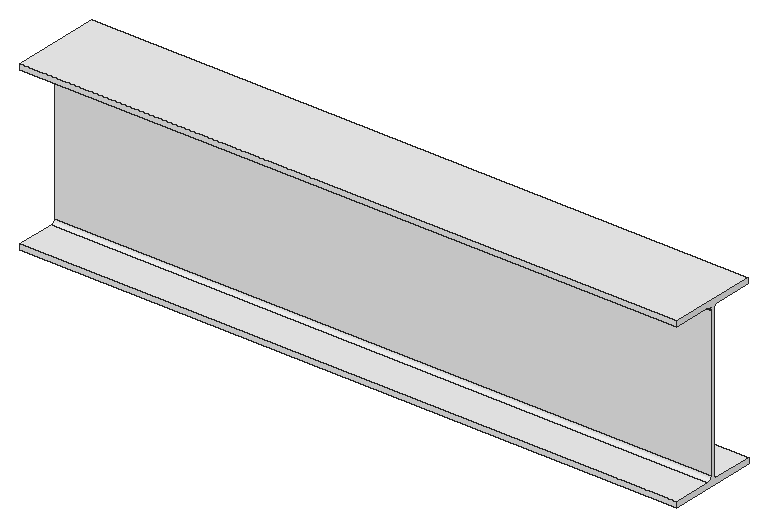
Revit family "83876812b0c046b8bcc1dbdc8289a56a", category Structural Framing, Revit 2023
Family settings
  Structural Framing Length Roundoff = 0.10 mm
  Section Shape = I-shape Parallel Flange
  Material for Model Behavior = Steel
  Always export as geometry = No
  Family Name Key = M_W Shapes
  Code Name = AISC 14.1
  OmniClass Number = 23.25.30.11.14.14
  OmniClass Title = Beams
  Seek Item ID = W-Shapes-0000-CAN-ENU
  Always vertical = Yes
  Cut with Voids When Loaded = No
  Symbolic Representation = From Project Settings
  Shared = No
  Show family pre-cut in plan views = Yes
Parameters (values of type "W310X38.7")
  Width = 165.00 mm
  Web Thickness = 5.84 mm
  Web Fillet = 7.65 mm
  Warping Constant = 0.00020328 (stored number, unit not read)
  Torsional Moment of Inertia = 125000.00 mm⁴
  Structural Material [instance] = Steel, 45-345
  Section Name Key = ""
  Section Area = 4940.0 mm²
  Plastic Modulus weak axis = 134000.0 mm³
  Plastic Modulus strong axis = 610000.0 mm³
  Perimeter = 4.101 (stored number, unit not read)
  Nominal Weight = 38.6999 kgf/m
  Moment of Inertia weak axis = 7200000.00 mm⁴
  Moment of Inertia strong axis = 84900000.00 mm⁴
  Height = 310.00 mm
  Flange Thickness = 9.65 mm
  Elastic Modulus weak axis = 87500.0 mm³
  Elastic Modulus strong axis = 547000.0 mm³
  Centroid Vertical = Height / 2  # 155.00 mm
  Centroid Horizontal = Width / 2  # 82.50 mm
  Bolt Spacing = 88.9 mm
  Assembly Code = ""
  Length [instance] = 1500.00 mm
Reference planes
  plane 1 "Center (Front/Back)": y = 0
  plane 2: z = 0
  plane 3 "Center (Left/Right)": x = 4.61
  plane 4 "Member Left": x = -604.99
  plane 5 "Member Right": x = 614.21
  plane 6: y = 82.5
  plane 7: y = -82.5
  plane 8 "Top": z = 155
  plane 9: z = -155
  plane 10 "Left": x = -757.39
  plane 11 "Right": x = 742.61
Forms (mm)
  Sweep 1, solid, material "Steel, 45-345" <- "Structural Material", detail levels medium
    path origin (0, 0, 0) x (1, 0, 0) y (0, 1, 0)
      loop
        line (614.21, 0) -> (-604.99, 0)
    profile "M_W-Wide Flange-Profile-Medium : M_W-Wide Flange-Profile-Medium" origin (4.61, 0, 0) x (0, -1, 0) y (0, 0, 1)
      loop
        line (-82.5, -155) -> (82.5, -155) -> (82.5, -145.35) -> (2.92, -145.35) -> (2.92, 145.35) -> (82.5, 145.35) -> (82.5, 155) -> (-82.5, 155) -> (-82.5, 145.35) -> (-2.92, 145.35) -> (-2.92, -145.35) -> (-82.5, -145.35) -> (-82.5, -155)
  Sweep 2, solid, material "Steel, 45-345" <- "Structural Material", detail levels fine
    path origin (0, 0, 0) x (1, 0, 0) y (0, 1, 0)
      loop
        line (614.21, 0) -> (-604.99, 0)
    profile "M_W-Wide Flange-Profile-Fine : M_W-Wide Flange-Profile-Fine" origin (4.61, 0, 0) x (0, -1, 0) y (0, 0, 1)
      loop
        line (-82.5, -155) -> (82.5, -155) -> (82.5, -145.35) -> (10.57, -145.35)
        arc (10.57, -145.35) -> (5.161, -143.109) -> (2.92, -137.7) r 7.65
        line (2.92, -137.7) -> (2.92, 137.7)
        arc (2.92, 137.7) -> (5.161, 143.109) -> (10.57, 145.35) r 7.65
        line (10.57, 145.35) -> (82.5, 145.35) -> (82.5, 155) -> (-82.5, 155) -> (-82.5, 145.35) -> (-10.57, 145.35)
        arc (-10.57, 145.35) -> (-5.161, 143.109) -> (-2.92, 137.7) r 7.65
        line (-2.92, 137.7) -> (-2.92, -137.7)
        arc (-2.92, -137.7) -> (-5.161, -143.109) -> (-10.57, -145.35) r 7.65
        line (-10.57, -145.35) -> (-82.5, -145.35) -> (-82.5, -155)
Lines and regions (mm)
  symbolic lines, style "Hidden Faces", detail levels medium+fine
    curve 1: line (614.21, -2.92, 0) -> (-604.99, -2.92, 0)
    curve 2: line (614.21, 2.92, 0) -> (-604.99, 2.92, 0)
  symbolic lines, style "Stick Symbols", detail levels coarse
    curve 3: line (4.61, 82.5, 155) -> (4.61, -82.5, 155)
    curve 4: line (4.61, -82.5, -155) -> (4.61, 82.5, -155)
    curve 5: line (4.61, 0, 155) -> (4.61, 0, -155)
Dimensions and locks
  "Width": plane 6 to plane 7
  "Height": plane 9 to plane 8 "Top"
  equal spacing: plane 9, plane 2, plane 8 "Top"
  equal spacing: plane 6, plane 1 "Center (Front/Back)", plane 7
  "Length": plane 10 "Left" to plane 11 "Right"
  "Web Thickness": curve 2 to curve 1
  equal spacing: curve 2, plane 1 "Center (Front/Back)", curve 1
  aligned and locked: Sweep 1 sketch curve to plane 1 "Center (Front/Back)"
  aligned and locked: Sweep 2 sketch curve to plane 1 "Center (Front/Back)"
  aligned and locked: Sweep 2 to curve 3  (x2)
  aligned and locked: Sweep 2 to curve 4  (x2)
  aligned and locked: curve 3 to Sweep 2
  aligned and locked: curve 4 to Sweep 2
  aligned and locked: plane 4 "Member Left" to Sweep 2 sketch curve
  aligned and locked: plane 5 "Member Right" to Sweep 2 sketch curve
  aligned and locked: plane 4 "Member Left" to Sweep 1 sketch curve
  aligned and locked: plane 5 "Member Right" to Sweep 1 sketch curve
  aligned and locked: plane 4 "Member Left" to curve 2
  aligned and locked: plane 4 "Member Left" to curve 1
  aligned and locked: plane 5 "Member Right" to curve 2
  aligned and locked: plane 5 "Member Right" to curve 1
  aligned and locked: curve 5 to plane 1 "Center (Front/Back)"
  aligned and locked: plane 9 to curve 5
  aligned and locked: plane 8 "Top" to curve 5
